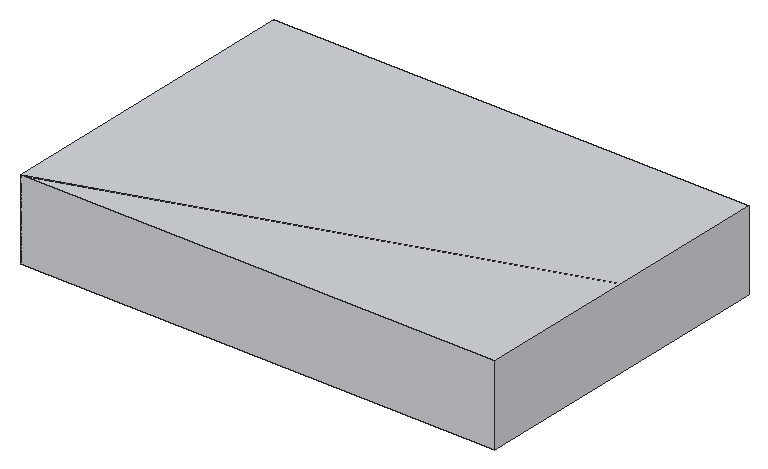
Revit family "電線管用ファミリ(片側のみ)_22", category Electrical Fixtures, Revit 2022
Family settings
  Round Connector Dimension = Use Diameter
  Part Type = Normal
  OmniClass Number = 23.80.00.00
  OmniClass Title = Electric Power and Lighting
  Work Plane-Based = No
  Always vertical = Yes
  Cut with Voids When Loaded = No
  Maintain Annotation Orientation = No
  Shared = No
  Room Calculation Point = No
Parameters
  コネクタ直径 [instance] = 16 mm
  W [instance] = 300 mm
  Default Elevation = 0 mm
  D [instance] = 200 mm
Reference planes
  plane 1 "Center (Front/Back)": y = 0
  plane 2: z = 0
  plane 3 "Center (Left/Right)": x = 0
  plane 4: x = -150
  plane 5: x = 150
  plane 6: y = 100
  plane 7: y = -100
  plane 8: z = 50
Forms (mm)
  Extrusion 1, solid
    sketch origin (0, 0, 0) x (1, 0, 0) y (0, 1, 0)
      loop
        line (-150, 100) -> (-150, -100) -> (150, -100) -> (150, 100) -> (-150, 100)
    from 0 to 50
  Extrusion 2, solid
    sketch origin (0, 0, 0) x (1, 0, 0) y (0, 1, 0)
      loop
        line (-150, 100) -> (-150, -100) -> (150, 0) -> (-150, 100)
    from 0 to 50
Dimensions and locks
  equal spacing: plane 4, plane 3 "Center (Left/Right)", plane 5
  "W": plane 4 to plane 5
  equal spacing: plane 6, plane 1 "Center (Front/Back)", plane 7
  "D": plane 6 to plane 7
  aligned and locked: level to plane 2
  aligned and locked: plane 8 to Extrusion 1
Automatic sketch dimensions
  Extrusion 1 sketch curve to plane 4 = 0 mm
  Extrusion 1 sketch curve to plane 5 = 0 mm
  Extrusion 1 sketch curve to plane 7 = 0 mm
  Extrusion 1 sketch curve to plane 6 = 0 mm
  Extrusion 2 sketch curve to plane 4 = 0 mm
  plane 1 "Center (Front/Back)" to Extrusion 2 sketch curve = 0 mm
  Extrusion 2 sketch curve to plane 5 = 0 mm
  Extrusion 2 sketch curve to plane 7 = 0 mm
  Extrusion 2 sketch curve to plane 6 = 0 mm
Connectors
  cabletrayconduit at (0, 0, 50), diameter 16
    settings: on Extrusion 1, index 1, connector width 300 mm, connector height 300 mm, connector angle 0.00°, system type 32, placement type 0, profile type 0, connector reference index -1, is primary connector yes, connector utility param no, connector description ""
